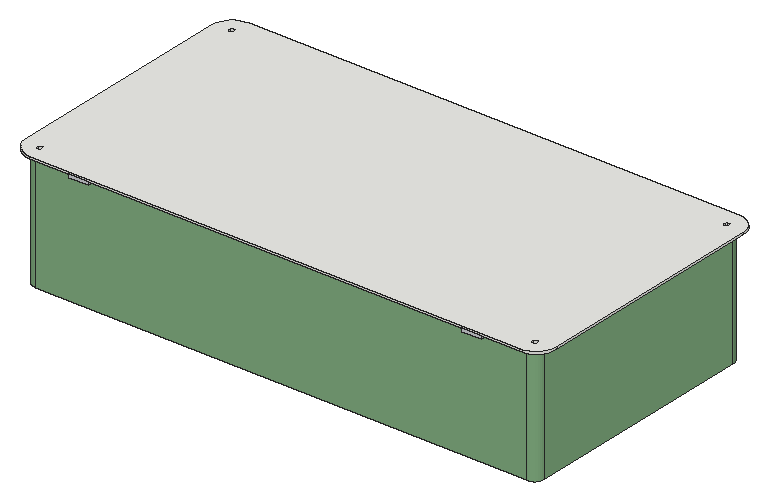
Revit family "Building-ContenitoriIncasso-GEWISS-48CM-GREENWALL-CASSETTE-DERIVAZ_INC_ALTA_CAPACITA", category Apparecchi elettrici, host Superficie, Revit 2016
Family settings
  Host = Superficie
  Mantenere orientamento annotazione = Sì
  Tipo di parte = Normale
  Quota connettore circolare = Usa diametro
  Numero OmniClass = 23.80.30.14.24
  Titolo OmniClass = Junction Boxes
  Taglio con vuoti quando caricato = No
  Condiviso = No
  Punto di calcolo locali = Sì
Parameters (values of type "GW48211PM - CASS.MONT.PM 520X260X121 COP.BASSO GREEN")
  Voltaggio = 0 V
  Versione file RFA = "18.0"
  VISTA DI PIANTA [instance] = yes
  URL = "https://www.gewiss.com/it/it"
  Tipo Materiale = "Halogen free secondo norma EN 60754-2"
  Temperatura di impiego = "-15 +60 °C"
  Scheda Tecnica = "https://www.gewiss.com/it/it/search?q=GW48211PM"
  SIMBOLO [instance] = yes
  SEO = "Cassetta"
  Resistenza agli urti = "IK07"
  Produttore = "GEWISS S.p.A."
  Predisposizione scomparti = "5"
  Potenza max dissipabile (W) = "30"
  Potenza dissipabile (W) = "30"
  Per Pareti = "Cartongesso"
  Modello = "GW48211PM"
  Installazione = "Incasso"
  Immagine tipo = GW48211PM.jpg
  Tappo = GEWISS - BIANCO RAL 9016
  Scatola = GEWISS - scatola a incasso
  IDT = "02828416-875e-45d8-8135-fffb5b53fa53"
  IDF = "b1b2b843-a038-4ae5-a1dc-fbcd3c6d4d79"
  Grado di protezione = "IP40"
  Glow Wire Test = "850°C"
  GEWISS SCHEDA TECNICA = "http://pro.gewiss.com/irj/portal/?NavigationTarget=pcd:portal_content/com.gewiss.ZPPFDMain/com.gewiss.ZPPFDITMain/com.gewiss.ZPPFDITMainDefault/com.gewiss.ZPPFDITPages/com.gewiss.ZPPFDITPagesAP/com.gewiss.ZPPFDITPagesAPCatalogo/com.gewiss.ZPPPDITAPProductDetail&codProd=GW48211PM"
  Default Elevation = 1219.2 mm
  Profondità = 121 mm
  Lunghezza = 520 mm
  Larghezza = 260 mm
  Distanza orizzontale simbolo [instance] = 146.124 mm
  Distanza dal muro [instance] = 4.208 mm
  Dim. esterne BxHxP (mm) = "520x260x121"
  Descrizione = "CASS.MONT.PM 520X260X121 COP.BASSO GREEN"
  Creato da GEWISS S.p.A. = ""
  Colore coperchio = "Bianco RAL 9016"
  Codice Electrocod = "0220"
  Codice EAN = "8011564801127"
  Classificazione = Other
  Catalogo Serie = "48 CM"
  Catalogo = "BUILDING"
  Carico apparente = 0 VA
  CORNICE SIMBOLO [instance] = yes
  COBie.Tagnumber = ""
  COBie.CreatedOn = ""
  COBie.CreatebBy = ""
  COBie.ComponentRegisterItemID = ""
  COBie.Component.TagNumber = ""
  COBie.Component.Space = ""
  COBie.Component.SerialNumber = ""
  COBie.Component.InstallationDate = ""
  COBie.Component.Description = ""
  COBie.Component.BarCode = ""
  Bordo = 4 mm
Types (2, lengths in mm): name | Scheda Tecnica | Predisposizione scomparti | Potenza max dissipabile (W) | Potenza dissipabile (W) | Modello | Immagine tipo | IDT | GEWISS SCHEDA TECNICA | Lunghezza | Dim. esterne BxHxP (mm) | Descrizione | Codice EAN
  GW48207PM - CASS.MONT.PM 260X260X121 COP.BASSO GREEN | "https://www.gewiss.com/it/it/search?q=GW48207PM" | "2" | "13" | "13" | "GW48207PM" | GW48207PM.jpg | "eaef6c35-18b2-4959-86da-626d8c3cc132" | "http://pro.gewiss.com/irj/portal/?NavigationTarget=pcd:portal_content/com.gewiss.ZPPFDMain/com.gewiss.ZPPFDITMain/com.gewiss.ZPPFDITMainDefault/com.gewiss.ZPPFDITPages/com.gewiss.ZPPFDITPagesAP/com.gewiss.ZPPFDITPagesAPCatalogo/com.gewiss.ZPPPDITAPProductDetail&codProd=GW48207PM" | 260 | "260x260x121" | "CASS.MONT.PM 260X260X121 COP.BASSO GREEN" | "8011564801110"
  GW48211PM - CASS.MONT.PM 520X260X121 COP.BASSO GREEN | "https://www.gewiss.com/it/it/search?q=GW48211PM" | "5" | "30" | "30" | "GW48211PM" | GW48211PM.jpg | "02828416-875e-45d8-8135-fffb5b53fa53" | "http://pro.gewiss.com/irj/portal/?NavigationTarget=pcd:portal_content/com.gewiss.ZPPFDMain/com.gewiss.ZPPFDITMain/com.gewiss.ZPPFDITMainDefault/com.gewiss.ZPPFDITPages/com.gewiss.ZPPFDITPagesAP/com.gewiss.ZPPFDITPagesAPCatalogo/com.gewiss.ZPPPDITAPProductDetail&codProd=GW48211PM" | 520 | "520x260x121" | "CASS.MONT.PM 520X260X121 COP.BASSO GREEN" | "8011564801127"
Reference planes
  plane 1 "Centro (Fronte/Retro)": y = 0
  plane 2: z = 0
  plane 3 "Centro (Sinistra/Destra)": x = 0
  plane 4: x = -260
  plane 5: y = -130
  plane 6: x = 260
  plane 7: y = 130
  plane 8: y = 127.823
  plane 9: x = 257.823
  plane 10: y = -127.823
  plane 11: x = -257.823
  plane 12: z = -121
  plane 13: x = -251.947
  plane 14: x = 251.947
  plane 15: x = -270
  plane 16: y = -270
  plane 17: x = 270
  plane 18: y = 140
  plane 19: z = 2
  plane 20: y = 138.451
  plane 21: x = -210
  plane 22: x = -190
  plane 23: x = 190
  plane 24: x = 210
  plane 25: y = -138
  plane 26: z = -3
  plane 27: x = -268
  plane 28: x = 268
  plane 29: x = -146.124
Forms (mm)
  Extrusion 1, void
    sketch origin (0, 0, 0) x (1, 0, 0) y (0, 1, 0)
      loop
        arc (268, 120.448) -> (262.727, 133.178) -> (249.997, 138.451) r 18.003
        line (249.997, 138.451) -> (-248.904, 138.451)
        arc (-248.904, 138.451) -> (-262.407, 132.858) -> (-268, 119.355) r 19.096
        line (-268, 119.355) -> (-268, -118.748)
        arc (-268, -118.748) -> (-262.361, -132.361) -> (-248.748, -138) r 19.252
        line (-248.748, -138) -> (249.967, -138)
        arc (249.967, -138) -> (262.718, -132.718) -> (268, -119.967) r 18.033
        line (268, -119.967) -> (268, 120.448)
    from -121 to 0
  Extrusion 2, solid, material "GEWISS - scatola a incasso" <- "Scatola"
    sketch origin (0, 0, 0) x (1, 0, 0) y (0, 1, 0)
      loop
        arc (-249.5, 130) -> (-256.925, 126.925) -> (-260, 119.5) r 10.5
        line (-260, 119.5) -> (-260, -119.5)
        arc (-260, -119.5) -> (-256.925, -126.925) -> (-249.5, -130) r 10.5
        line (-249.5, -130) -> (249.5, -130)
        arc (249.5, -130) -> (256.925, -126.925) -> (260, -119.5) r 10.5
        line (260, -119.5) -> (260, 119.5)
        arc (260, 119.5) -> (256.925, 126.925) -> (249.5, 130) r 10.5
        line (249.5, 130) -> (-249.5, 130)
      loop
        arc (-249.5, 127.823) -> (-255.386, 125.386) -> (-257.823, 119.5) r 8.323
        line (-257.823, 119.5) -> (-257.823, -119.5)
        arc (-257.823, -119.5) -> (-255.386, -125.386) -> (-249.5, -127.823) r 8.323
        line (-249.5, -127.823) -> (249.5, -127.823)
        arc (249.5, -127.823) -> (255.386, -125.386) -> (257.823, -119.5) r 8.323
        line (257.823, -119.5) -> (257.823, 119.5)
        arc (257.823, 119.5) -> (255.386, 125.386) -> (249.5, 127.823) r 8.323
        line (249.5, 127.823) -> (-249.5, 127.823)
    from -121 to 0
  Extrusion 3, solid, material "GEWISS - scatola a incasso" <- "Scatola"
    sketch origin (0, 0, 0) x (1, 0, 0) y (0, 1, 0)
      loop
        line (-257.823, 116.384) -> (-254.592, 116.384)
        arc (-254.592, 116.384) -> (-249.664, 119.157) -> (-246.596, 123.907) r 11.782
        line (-246.596, 123.907) -> (-246.596, 127.823) -> (-249.5, 127.823)
        arc (-249.5, 127.823) -> (-255.386, 125.386) -> (-257.823, 119.5) r 8.323
        line (-257.823, 119.5) -> (-257.823, 116.384)
      loop
        line (257.823, 116.384) -> (257.823, 119.5)
        arc (257.823, 119.5) -> (255.386, 125.386) -> (249.5, 127.823) r 8.323
        line (249.5, 127.823) -> (246.596, 127.823) -> (246.596, 123.907)
        arc (246.596, 123.907) -> (249.664, 119.157) -> (254.592, 116.384) r 11.782
        line (254.592, 116.384) -> (257.823, 116.384)
      loop
        line (-257.823, -116.384) -> (-257.823, -119.5)
        arc (-257.823, -119.5) -> (-255.386, -125.386) -> (-249.5, -127.823) r 8.323
        line (-249.5, -127.823) -> (-246.596, -127.823) -> (-246.596, -123.907)
        arc (-246.596, -123.907) -> (-249.664, -119.157) -> (-254.592, -116.384) r 11.782
        line (-254.592, -116.384) -> (-257.823, -116.384)
      loop
        line (257.823, -116.384) -> (254.592, -116.384)
        arc (254.592, -116.384) -> (249.664, -119.157) -> (246.596, -123.907) r 11.782
        line (246.596, -123.907) -> (246.596, -127.823) -> (249.5, -127.823)
        arc (249.5, -127.823) -> (255.386, -125.386) -> (257.823, -119.5) r 8.323
        line (257.823, -119.5) -> (257.823, -116.384)
    from -2.208 to 0
  Extrusion 4, void
    sketch origin (0, 0, 0) x (1, 0, 0) y (0, 1, 0)
      loop
        circle (-251.947, 122) r 2.408
      loop
        circle (251.947, 122) r 2.408
      loop
        circle (-251.947, -122) r 2.408
      loop
        circle (251.947, -122) r 2.408
    from -2.208 to 2
  Extrusion 5, solid, material "GEWISS - BIANCO RAL 9016" <- "Tappo"
    sketch origin (0, 0, 0) x (1, 0, 0) y (0, 1, 0)
      loop
        arc (-249.5, 140) -> (-263.996, 133.996) -> (-270, 119.5) r 20.5
        line (-270, 119.5) -> (-270, -117.5)
        arc (-270, -117.5) -> (-263.996, -131.996) -> (-249.5, -138) r 20.5
        line (-249.5, -138) -> (249.5, -138)
        arc (249.5, -138) -> (263.996, -131.996) -> (270, -117.5) r 20.5
        line (270, -117.5) -> (270, 119.5)
        arc (270, 119.5) -> (263.996, 133.996) -> (249.5, 140) r 20.5
        line (249.5, 140) -> (-249.5, 140)
    from 0 to 2
  Extrusion 6, void
    sketch origin (0, 0, 0) x (1, 0, 0) y (0, 1, 0)
      loop
        line (-210, 130) -> (-190, 130) -> (-190, 138.451) -> (-210, 138.451) -> (-210, 130)
      loop
        line (210, 130) -> (210, 138.451) -> (190, 138.451) -> (190, 130) -> (210, 130)
      loop
        line (-210, -130) -> (-210, -138) -> (-190, -138) -> (-190, -130) -> (-210, -130)
      loop
        line (210, -130) -> (190, -130) -> (190, -138) -> (210, -138) -> (210, -130)
    from -3 to 0
  Extrusion 7, solid
    sketch origin (0, 0, 0) x (1, 0, 0) y (0, 1, 0)
      loop
        line (-210, 138.451) -> (-210, 130) -> (-190, 130) -> (-190, 138.451) -> (-210, 138.451)
      loop
        line (190, 138.451) -> (190, 130) -> (210, 130) -> (210, 138.451) -> (190, 138.451)
      loop
        line (-210, -138) -> (-190, -138) -> (-190, -130) -> (-210, -130) -> (-210, -138)
      loop
        line (190, -138) -> (210, -138) -> (210, -130) -> (190, -130) -> (190, -138)
    from -3 to 0
Cuts and joins
  Extrusion 4, Extrusion 6 cuts Extrusion 5
Lines and regions (mm)
  Masking region 1, visible <- "VISTA DI PIANTA"
    outline origin (0, 0, 0) x (1, 0, 0) y (0, 0, 1)
      loop
        line (260, 0) -> (-260, 0) -> (-260, -121) -> (260, -121) -> (260, 0)
  model lines
    curve 1: line (249.5, 130, 0) -> (-249.5, 130, 0)
    curve 2: arc (-249.5, 130, 0) -> (-256.925, 126.925, 0) -> (-260, 119.5, 0) r 10.5
    curve 3: line (-260, 119.5, 0) -> (-260, -119.5, 0)
    curve 4: arc (260, 119.5, 0) -> (256.925, 126.925, 0) -> (249.5, 130, 0) r 10.5
    curve 5: line (260, -119.5, 0) -> (260, 119.5, 0)
    curve 6: arc (249.5, -130, 0) -> (256.925, -126.925, 0) -> (260, -119.5, 0) r 10.5
    curve 7: line (-249.5, -130, 0) -> (249.5, -130, 0)
    curve 8: arc (-260, -119.5, 0) -> (-256.925, -126.925, 0) -> (-249.5, -130, 0) r 10.5
Dimensions and locks
  equal spacing: plane 7, plane 1 "Centro (Fronte/Retro)", plane 5
  equal spacing: plane 4, plane 3 "Centro (Sinistra/Destra)", plane 6
  "Lunghezza": plane 4 to plane 6
  "Larghezza": plane 7 to plane 5
  plane 4 to plane 11 = 2.177 mm  (x2)
  plane 9 to plane 6 = 2.177 mm  (x2)
  plane 10 to plane 5 = 2.177 mm
  plane 7 to plane 8 = 2.177 mm
  "Profondità": plane 2 to plane 12
  locked: plane 11 to plane 13 at 5.876
  locked: plane 14 to plane 6 at 8.053
  locked: plane 2 to Extrusion 3 at 2.208
  locked: plane 18 to plane 7 at 10
  locked: plane 15 to plane 4 at 10
  locked: plane 6 to plane 17 at 10
  plane 19 to plane 2 = 2 mm
  plane 4 to plane 21 = 50 mm
  locked: plane 21 to plane 22 at 20
  locked: plane 20 to plane 7 at 8.451
  plane 24 to plane 6 = 50 mm
  locked: plane 23 to plane 24 at 20
  locked: plane 5 to plane 25 at 8
  locked: plane 2 to plane 26 at 3
  locked: plane 27 to plane 4 at 8
  locked: plane 6 to plane 28 at 8
  "Distanza orizzontale simbolo": plane 29 to plane 3 "Centro (Sinistra/Destra)"
  aligned and locked: plane 2 to host face
  aligned and locked: level to host face
  aligned and locked: Extrusion 1 to plane 12
  aligned and locked: plane 2 to Extrusion 1
  aligned and locked: Extrusion 2 sketch curve to plane 4
  aligned and locked: Extrusion 2 sketch curve to plane 11
  aligned and locked: Extrusion 2 sketch curve to plane 10
  aligned and locked: Extrusion 2 sketch curve to plane 5
  aligned and locked: Extrusion 2 sketch curve to plane 6
  aligned and locked: Extrusion 2 sketch curve to plane 9
  aligned and locked: Extrusion 2 sketch curve to plane 8
  aligned and locked: Extrusion 2 sketch curve to plane 7
  aligned and locked: Extrusion 2 to plane 12
  aligned and locked: plane 2 to Extrusion 2
  aligned and locked: plane 11 to Extrusion 3 sketch curve  (x2)
  aligned and locked: Extrusion 3 sketch curve to plane 8  (x2)
  aligned and locked: Extrusion 3 sketch curve to plane 10  (x2)
  aligned and locked: plane 9 to Extrusion 3 sketch curve  (x2)
  aligned and locked: plane 2 to Extrusion 3
  aligned and locked: plane 13 to Extrusion 4 sketch curve
  aligned and locked: Extrusion 4 sketch curve to plane 14
  aligned and locked: plane 14 to Extrusion 4 sketch curve
  aligned and locked: Extrusion 4 sketch curve to plane 13
  aligned and locked: Extrusion 3 to Extrusion 4
  aligned and locked: Extrusion 5 sketch curve to plane 17
  aligned and locked: Extrusion 5 sketch curve to plane 15
  aligned and locked: Extrusion 5 sketch curve to plane 18
  aligned and locked: Extrusion 5 to plane 19
  aligned and locked: Extrusion 4 to plane 19
  aligned and locked: plane 20 to Extrusion 6 sketch curve
  aligned and locked: Extrusion 6 sketch curve to plane 7
  aligned and locked: Extrusion 6 sketch curve to plane 21
  aligned and locked: plane 23 to Extrusion 6 sketch curve
  aligned and locked: Extrusion 6 sketch curve to plane 24
  aligned and locked: Extrusion 6 sketch curve to plane 20
  aligned and locked: plane 7 to Extrusion 6 sketch curve
  aligned and locked: plane 21 to Extrusion 6 sketch curve
  aligned and locked: Extrusion 6 sketch curve to plane 22
  aligned and locked: Extrusion 6 sketch curve to plane 5
  aligned and locked: plane 25 to Extrusion 6 sketch curve
  aligned and locked: Extrusion 6 sketch curve to plane 25
  aligned and locked: Extrusion 6 sketch curve to plane 23
  aligned and locked: plane 24 to Extrusion 6 sketch curve
  aligned and locked: plane 5 to Extrusion 6 sketch curve
  aligned and locked: level to Extrusion 6
  aligned and locked: Extrusion 6 to plane 26
  aligned and locked: Extrusion 1 sketch curve to plane 20
  aligned and locked: Extrusion 1 sketch curve to plane 28
  aligned and locked: plane 27 to Extrusion 1 sketch curve
  aligned and locked: Extrusion 1 sketch curve to plane 25
  aligned and locked: Extrusion 7 sketch curve to plane 20  (x2)
  aligned and locked: plane 21 to Extrusion 7 sketch curve
  aligned and locked: plane 7 to Extrusion 7 sketch curve  (x2)
  aligned and locked: Extrusion 7 sketch curve to plane 22
  aligned and locked: plane 23 to Extrusion 7 sketch curve
  aligned and locked: Extrusion 7 sketch curve to plane 24
  aligned and locked: Extrusion 7 sketch curve to plane 25  (x2)
  aligned and locked: Extrusion 7 sketch curve to plane 21
  aligned and locked: plane 5 to Extrusion 7 sketch curve  (x2)
  aligned and locked: plane 22 to Extrusion 7 sketch curve
  aligned and locked: Extrusion 7 sketch curve to plane 23
  aligned and locked: plane 24 to Extrusion 7 sketch curve
  aligned and locked: Extrusion 7 to plane 26
  aligned and locked: plane 2 to Extrusion 7
  aligned and locked: Extrusion 5 sketch curve to plane 25
  aligned and locked: curve 1 to Extrusion 2
  aligned and locked: curve 3 to Extrusion 2
  aligned and locked: curve 5 to Extrusion 2
  aligned and locked: curve 7 to Extrusion 2
  aligned and locked: Masking region 1 sketch curve to Extrusion 2  (x4)
  aligned and locked: plane 29 to nested 1
Automatic sketch dimensions
  host sketch curve to host sketch curve = 2438.4 mm  (x2)
  Extrusion 2 sketch curve to Extrusion 2 sketch curve = 0 mm  (x13)
  Extrusion 2 sketch curve to plane 9 = 0 mm
  plane 10 to Extrusion 2 sketch curve = 0 mm
  plane 5 to Extrusion 2 sketch curve = 10.5 mm  (x2)
  Extrusion 2 sketch curve to plane 7 = 10.5 mm  (x2)
  plane 4 to Extrusion 2 sketch curve = 10.5 mm
  plane 11 to Extrusion 2 sketch curve = 8.323 mm
  Extrusion 2 sketch curve to plane 6 = 10.5 mm
  plane 11 to Extrusion 2 sketch curve = 0 mm  (x2)
  plane 11 to Extrusion 3 sketch curve = 0.085 mm  (x2)
  Extrusion 3 sketch curve to plane 13 = 2.645 mm  (x2)
  plane 13 to Extrusion 3 sketch curve = 2.447 mm  (x2)
  Extrusion 3 sketch curve to Extrusion 3 sketch curve = 2.904 mm  (x2)
  plane 14 to Extrusion 3 sketch curve = 5.351 mm  (x2)
  plane 14 to Extrusion 3 sketch curve = 2.447 mm  (x2)
  Extrusion 3 sketch curve to plane 14 = 2.645 mm  (x2)
  Extrusion 3 sketch curve to plane 9 = 0.085 mm  (x2)
  plane 10 to Extrusion 3 sketch curve = 0.085 mm  (x2)
  plane 11 to Extrusion 3 sketch curve = 0 mm
  Extrusion 3 sketch curve to Extrusion 3 sketch curve = 0 mm  (x11)
  plane 13 to Extrusion 5 sketch curve = 2.447 mm  (x2)
  plane 14 to Extrusion 5 sketch curve = 2.447 mm  (x2)
  Extrusion 6 sketch curve to plane 22 = 0 mm
  Extrusion 6 sketch curve to plane 20 = 0 mm
  plane 13 to Extrusion 1 sketch curve = 3.043 mm
  plane 14 to Extrusion 1 sketch curve = 1.95 mm
  plane 13 to Extrusion 1 sketch curve = 3.199 mm
  plane 14 to Extrusion 1 sketch curve = 1.98 mm
  Extrusion 3 sketch curve to Extrusion 3 sketch curve = 3.916 mm  (x3)
  plane 10 to Extrusion 3 sketch curve = 3.916 mm
  Extrusion 3 sketch curve to Extrusion 3 sketch curve = 4.407 mm  (x2)
  plane 10 to Extrusion 4 sketch curve = 5.823 mm  (x2)
  Extrusion 3 sketch curve to plane 8 = 11.439 mm  (x2)
  Extrusion 3 sketch curve to Extrusion 3 sketch curve = 3.116 mm  (x2)
  Extrusion 4 sketch curve to plane 8 = 5.823 mm  (x2)
  plane 13 to curve 1 = 2.447 mm
  plane 14 to curve 1 = 2.447 mm
  plane 10 to curve 5 = 8.323 mm
  plane 13 to curve 7 = 2.447 mm
  radius of Extrusion 4 sketch curve = 2.408 mm  (x4)
Nested families
  nested 1: "CASSDERIVAZINC" at (-146.124, 423.093, 0), Distanza dal muro <- "Distanza dal muro", BORDO ACCESO <- "CORNICE SIMBOLO", SIMBOLO ACCESO <- "SIMBOLO", type "CASSETTAINC"
    with SIMBOLO ACCESO yes, Distanza dal muro 4.208 mm, BORDO ACCESO yes
Connectors
  electrical at (0.289, 0.249, -121), driven by "Carico apparente", driven by "Voltaggio", driven by "Classificazione"
    settings: on host face, index 1, voltage 0 V, apparent load 0 VA, apparent load phase1 0 VA, apparent load phase2 0 VA, apparent load phase3 0 VA, power factor 1, load classification "Other", number of poles 1, system type 31, power factor state 1, is connector primary yes, connector utility no, sub classification motor no, connector description ""
Definition of nested family "CASSDERIVAZINC"
  Parameters (values of type "CASSETTAINC")
    SIMBOLO ACCESO [instance] = yes
    Distanza dal muro [instance] = 4.208 mm
    BORDO ACCESO [instance] = yes
  Reference planes
    plane 1: y = 0
    plane 2: x = 0
  Dimensions and locks
    "Distanza dal muro": plane 1 to nested 1
    aligned and locked: plane 2 to nested 1
  Nested families
    nested 1: "CASSDERIVAZINC_BASE" at (0, 4.208, 0), BORDO ACCESO <- "BORDO ACCESO", SIMBOLO ACCESO <- "SIMBOLO ACCESO", type "CASSETTAINC"
      with BORDO ACCESO yes
  Definition of nested family "CASSDERIVAZINC_BASE"
    Parameters (values of type "CASSETTAINC")
      SIMBOLO ACCESO [instance] = yes
      Distanza dal muro = 4.208 mm
      BORDO ACCESO [instance] = yes
    Reference planes
      plane 1: y = 0
      plane 2: x = 0
    Lines and regions (mm)
      detail lines, visible <- "BORDO ACCESO"
        curve 1: line (-1, 2.5, 0) -> (1, 2.5, 0)
        curve 2: line (1, 2.5, 0) -> (1, 0, 0)
        curve 3: line (1, 0, 0) -> (-1, 0, 0)
        curve 4: line (-1, 0, 0) -> (-1, 2.5, 0)
        curve 5: line (-0.9, 2.4, 0) -> (0.9, 2.4, 0)
        curve 6: line (0.9, 2.4, 0) -> (0.9, 0.1, 0)
        curve 7: line (0.9, 0.1, 0) -> (-0.9, 0.1, 0)
        curve 8: line (-0.9, 0.1, 0) -> (-0.9, 2.4, 0)
      detail lines, visible <- "BORDO ACCESO", not visible
        curve 9: line (-2.443, 10.208, 0) -> (2.057, 10.208, 0)
        curve 10: line (2.057, 10.208, 0) -> (2.057, 4.208, 0)
        curve 11: line (2.057, 4.208, 0) -> (-2.443, 4.208, 0)
        curve 12: line (-2.443, 4.208, 0) -> (-2.443, 10.208, 0)
        curve 13: line (-2.043, 9.808, 0) -> (1.657, 9.808, 0)
        curve 14: line (1.657, 9.808, 0) -> (1.657, 4.608, 0)
        curve 15: line (1.657, 4.608, 0) -> (-2.043, 4.608, 0)
        curve 16: line (-2.043, 4.608, 0) -> (-2.043, 9.808, 0)
      detail lines, visible <- "SIMBOLO ACCESO"
        curve 17: circle (0, 1.25, 0) r 0.1 normal (0, 0, 1)
        curve 18: circle (0, 1.25, 0) r 0.809 normal (0, 0, 1)
    Dimensions and locks
      aligned and locked: curve 3 to plane 1
